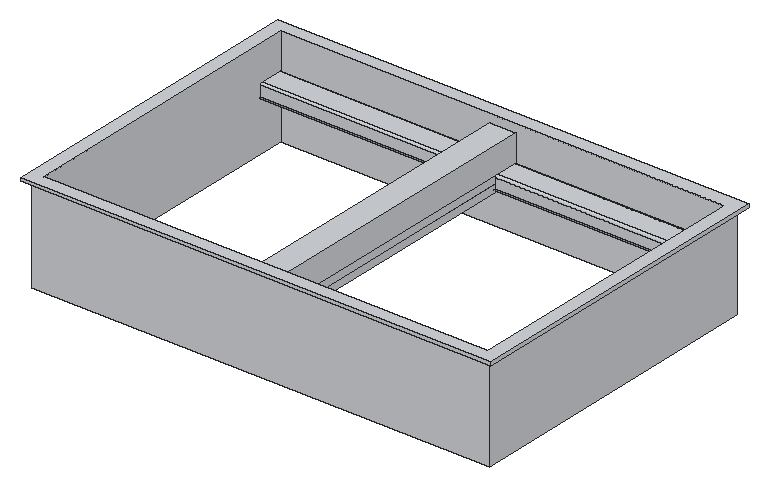
Revit family "MI-G-BO", category Plumbing Fixtures, Revit 2018
Family settings
  Round Connector Dimension = Use Diameter
  Part Type = Normal
  Work Plane-Based = No
  Always vertical = Yes
  Cut with Voids When Loaded = No
  Shared = No
  Room Calculation Point = No
Parameters (values of type "MI-G-BO-5-6")
  URL = "WWW.MIFAB.COM"
  Model = "MI-G-BO-5-6"
  Manufacturer = "MIFAB"
  E- Height = 6.000"
  Description = "BOLT ON (FIXED) EXTENSIONS FOR MI-G GREASE INTERCEPTORS"
  B- Width = 18.75197"
  A-Length = 27.75197"
Types (9): name | Model | E- Height | B- Width | A-Length
  (no name) | "MI-G-BO-5-6" | 6.000" | 18.75197" | 27.75197"
  MI-G-BO-4-6 | "MI-G-BO-4-6" | 6.000" | 15.75197" | 23.75197"
  MI-G-BO-4-12 | "MI-G-BO-4-12" | 12.000" | 15.75197" | 23.75197"
  MI-G-BO-5-6 | "MI-G-BO-5-6" | 6.000" | 18.75197" | 27.75197"
  MI-G-BO-5-12 | "MI-G-BO-5-12" | 12.000" | 18.75197" | 27.75197"
  MI-G-BO-6-6 | "MI-G-BO-6-6" | 6.000" | 23.25197" | 31.25197"
  MI-G-BO-6-12 | "MI-G-BO-6-12" | 12.000" | 23.25197" | 31.25197"
  MI-G-BO-7-6 | "MI-G-BO-7-6" | 6.000" | 23.25197" | 31.25197"
  MI-G-BO-7-12 | "MI-G-BO-7-12" | 12.000" | 23.25197" | 31.25197"
Reference planes (in)
  plane 1 "Center (Front/Back)": y = 0
  plane 2: z = 0
  plane 3 "Center (Left/Right)": x = 0
  plane 4: x = -13.87598
  plane 5: x = 13.87598
  plane 6: y = 9.37598
  plane 7: y = -9.37598
  plane 8: z = 6
  plane 9: x = -13.48228
  plane 10: x = 13.48228
  plane 11: y = -8.98228
  plane 12: y = 8.98228
  plane 13: z = 5.5
  plane 14: z = 0.3937
  plane 15: z = 3
Forms (in)
  Extrusion 1, solid
    sketch origin (0, 0, 0) x (1, 0, 0) y (0, 1, 0)
      loop
        line (-13.87598, 9.37598) -> (-13.87598, -9.37598) -> (13.87598, -9.37598) -> (13.87598, 9.37598) -> (-13.87598, 9.37598)
      loop
        line (-13.48228, 8.98228) -> (-13.48228, -8.98228) -> (13.48228, -8.98228) -> (13.48228, 8.98228) -> (-13.48228, 8.98228)
    from 0 to 6
  Sweep 2, solid
    path in 3D
      loop
        line (13.87598, 9.37598, 6) -> (-13.87598, 9.37598, 6) -> (-13.87598, -9.37598, 6) -> (13.87598, -9.37598, 6) -> (13.87598, 9.37598, 6)
    profile origin (13.87598, 0, 6) x (-1, 0, 0) y (0, 0, 1)
      loop
        line (0, 0) -> (-0.3937, 0) -> (-0.3937, -0.19685) -> (0, -0.19685) -> (0, 0)
  Sweep 3, solid
    path origin (0, 0, 0) x (1, 0, 0) y (0, 1, 0)
      loop
        line (-13.48228, 8.98228) -> (13.48228, 8.98228)
    profile origin (0, 8.98228, 0) x (0, 1, 0) y (0, 0, 1)
      loop
        line (-0.119, 3.88804) -> (-1.4558, 3.88804)
        arc (-1.4558, 3.88804) -> (-1.53995, 3.85319) -> (-1.5748, 3.76904) r 0.119
        line (-1.5748, 3.76904) -> (-1.5748, 3.119)
        arc (-1.5748, 3.119) -> (-1.53995, 3.03485) -> (-1.4558, 3) r 0.119
        line (-1.4558, 3) -> (-0.119, 3)
        arc (-0.119, 3) -> (-0.03485, 3.03485) -> (0, 3.119) r 0.119
        line (0, 3.119) -> (0, 3.76904)
        arc (0, 3.76904) -> (-0.03485, 3.85319) -> (-0.119, 3.88804) r 0.119
  Sweep 4, solid
    path origin (0, 0, 0) x (1, 0, 0) y (0, -1, 0)
      loop
        line (-13.48228, 8.98228) -> (13.48228, 8.98228)
    profile origin (0, -8.98228, 0) x (0, 1, 0) y (0, 0, 1)
      loop
        arc (0.119, 3.88804) -> (0.03485, 3.85319) -> (0, 3.76904) r 0.119
        line (0, 3.76904) -> (0, 3.119)
        arc (0, 3.119) -> (0.03485, 3.03485) -> (0.119, 3) r 0.119
        line (0.119, 3) -> (1.4558, 3)
        arc (1.4558, 3) -> (1.53995, 3.03485) -> (1.5748, 3.119) r 0.119
        line (1.5748, 3.119) -> (1.5748, 3.76907)
        arc (1.5748, 3.76907) -> (1.53996, 3.8532) -> (1.45583, 3.88804) r 0.11897
        line (1.45583, 3.88804) -> (0.119, 3.88804)
  Sweep 5, solid
    path origin (0, 0, 0) x (1, 0, 0) y (0, 1, 0)
      loop
        line (0, 8.98228) -> (0, -8.98228)
    profile origin (0, 0, 0) x (1, 0, 0) y (0, 0, 1)
      loop
        line (-0.7874, 2.92126) -> (0.7874, 2.92126) -> (0.7874, 3.3937) -> (-0.7874, 3.3937) -> (-0.7874, 2.92126)
  Extrusion 6, solid
    sketch origin (0, 0, 0) x (0, 1, 0) y (0, 0, 1)
      loop
        line (7.40748, 3.88804) -> (-7.40748, 3.88804) -> (-7.40748, 3.3937) -> (7.40748, 3.3937) -> (7.40748, 3.88804)
    from -0.7874 to 0.7874
  Sweep 7, solid
    path origin (0, 0, 0) x (1, 0, 0) y (0, 1, 0)
      loop
        line (0, 8.98228) -> (0, -8.98228)
    profile origin (0, 0, 0) x (1, 0, 0) y (0, 0, 1)
      loop
        line (0.7874, 3.88804) -> (0.7874, 5.5) -> (-0.7874, 5.5) -> (-0.7874, 3.88804) -> (0.7874, 3.88804)
Cuts and joins
  joined: Extrusion 1, Sweep 2
Lines and regions (in)
  sketch lines
    curve 1: line (13.87598, -9.37598, 6) -> (13.87598, 9.37598, 6)
    curve 2: line (13.87598, 9.37598, 6) -> (-13.87598, 9.37598, 6)
    curve 3: line (-13.87598, 9.37598, 6) -> (-13.87598, -9.37598, 6)
    curve 4: line (-13.87598, -9.37598, 6) -> (13.87598, -9.37598, 6)
Dimensions and locks (in)
  equal spacing: plane 4, plane 3 "Center (Left/Right)", plane 5
  "A-Length": plane 4 to plane 5
  equal spacing: plane 7, plane 1 "Center (Front/Back)", plane 6
  "B- Width": plane 7 to plane 6
  "E- Height": plane 8 to plane 2
  locked: plane 7 to plane 11 at 0.3937
  locked: plane 6 to plane 12 at 0.3937
  locked: plane 4 to plane 9 at 0.3937
  locked: plane 10 to plane 5 at 0.3937
  locked: plane 8 to Sweep 2 sketch curve at 0.19685
  locked: plane 5 to Sweep 2 sketch curve at 0.3937
  locked: plane 8 to plane 13 at 0.5
  locked: plane 12 to Sweep 3 sketch curve at 1.5748
  locked: Sweep 3 sketch curve to Sweep 3 sketch curve at 0.88804
  locked: Sweep 4 sketch curve to Sweep 4 sketch curve at 0.88804
  locked: Sweep 4 sketch curve to cut or joined group of Extrusion 1, Sweep 2 at 1.5748
  locked: plane 14 to plane 2 at 0.3937
  equal spacing: plane 8, plane 15, plane 2
  aligned and locked: level to plane 2
  aligned and locked: Extrusion 1 sketch curve to plane 4
  aligned and locked: Extrusion 1 sketch curve to plane 6
  aligned and locked: plane 5 to Extrusion 1 sketch curve
  aligned and locked: plane 7 to Extrusion 1 sketch curve
  aligned and locked: Extrusion 1 sketch curve to plane 9
  aligned and locked: Extrusion 1 sketch curve to plane 10
  aligned and locked: Extrusion 1 sketch curve to plane 12
  aligned and locked: Extrusion 1 sketch curve to plane 11
  aligned and locked: plane 8 to Extrusion 1
  aligned and locked: Extrusion 1 to level
  aligned and locked: Sweep 3 sketch curve to cut or joined group of Extrusion 1, Sweep 2
  aligned and locked: plane 9 to Sweep 3 sketch curve
  aligned and locked: plane 10 to Sweep 3 sketch curve
  aligned and locked: Sweep 4 sketch curve to cut or joined group of Extrusion 1, Sweep 2  (x2)
  aligned and locked: cut or joined group of Extrusion 1, Sweep 2 to Sweep 4 sketch curve
  aligned and locked: Sweep 5 sketch curve to plane 3 "Center (Left/Right)"
  aligned and locked: Sweep 5 sketch curve to plane 12
  aligned and locked: plane 11 to Sweep 5 sketch curve
  aligned and locked: Sweep 3 to Extrusion 6 sketch curve
  aligned and locked: Extrusion 6 sketch curve to Sweep 3
  aligned and locked: Extrusion 6 sketch curve to Sweep 5
  aligned and locked: Extrusion 6 sketch curve to Sweep 4
  aligned and locked: plane 15 to Sweep 4 sketch curve
  aligned and locked: Sweep 3 sketch curve to plane 15
  aligned and locked: Sweep 7 sketch curve to plane 3 "Center (Left/Right)"
  aligned and locked: cut or joined group of Extrusion 1, Sweep 2 to Sweep 7 sketch curve  (x2)
  aligned and locked: Sweep 7 sketch curve to Extrusion 6  (x3)
  aligned and locked: Sweep 7 sketch curve to plane 13
Automatic sketch dimensions
  Sweep 2 sketch curve to profile plane = 0.000"  (x2)
  Sweep 4 sketch curve to profile plane = 0.000"
  Sweep 4 sketch curve to Sweep 4 sketch curve = 0.119"  (x2)
  Sweep 4 sketch curve to profile plane = 0.119"
  Sweep 4 sketch curve to Sweep 4 sketch curve = 0.11897"
  Sweep 4 sketch curve to Sweep 4 sketch curve = 0.65004"
  Sweep 3 sketch curve to profile plane = 0.000"
  Sweep 3 sketch curve to Sweep 3 sketch curve = 0.119"  (x2)
  profile plane to Sweep 3 sketch curve = 0.119"  (x2)
  profile plane to Sweep 5 sketch curve = 0.7874"
  Sweep 5 sketch curve to profile plane = 0.7874"
  level to Sweep 5 sketch curve = 3.3937"
  Sweep 5 sketch curve to Sweep 5 sketch curve = 0.47244"
